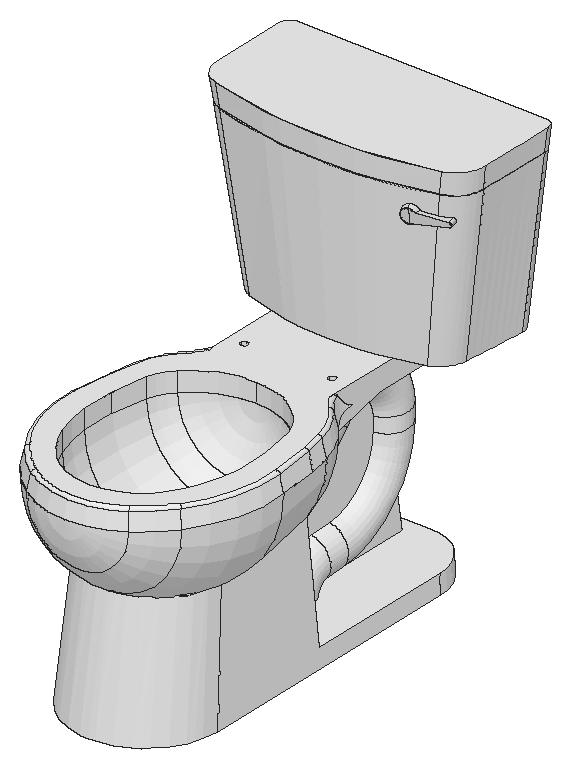
Revit family "Plumbing-Pressure-Assist-Water-Closet-Sloan-Valve-WETS-80098113_", category Plumbing Fixtures, host Face, Revit 2019 (continued)
Automatic sketch dimensions
  Extrusion 14 sketch curve to Extrusion 14 sketch curve = 3.98247"
  Extrusion 14 sketch curve to Extrusion 14 sketch curve = 0.39147"  (x2)
  Extrusion 14 sketch curve to Extrusion 14 sketch curve = 2.49844"
  Extrusion 14 sketch curve to Extrusion 14 sketch curve = 4.55398"
  Extrusion 14 sketch curve to Extrusion 14 sketch curve = 0.28975"  (x2)
  plane 7 to Extrusion 15 sketch curve = 15 3/4"
  Extrusion 15 sketch curve to Extrusion 15 sketch curve = 0.92653"
  Extrusion 15 sketch curve to plane 7 = 0.34835"
  Extrusion 15 sketch curve to Extrusion 15 sketch curve = 13 1/4"
  plane 7 to Revolve 16 sketch curve = 18.41431"
  Revolve 16 sketch curve to Revolve 16 sketch curve = 1.21427"
  Revolve 16 sketch curve to Revolve 16 sketch curve = 3.141"
  Revolve 16 sketch curve to Revolve 16 sketch curve = 0.55817"
  Revolve 16 sketch curve to Revolve 16 sketch curve = 4.78572"
  Revolve 16 sketch curve to Revolve 16 sketch curve = 1.12242"
  Revolve 16 sketch curve to Revolve 16 sketch curve = 1.54616"
  Revolve 16 sketch curve to Revolve 16 sketch curve = 1.91616"
  Revolve 16 sketch curve to Revolve 16 sketch curve = 0.22012"
  Revolve 16 sketch curve to Revolve 16 sketch curve = 2.15467"
  Revolve 16 sketch curve to Revolve 16 sketch curve = 4.85057"
  Revolve 16 sketch curve to Revolve 16 sketch curve = 4.53114"
  Revolve 16 sketch curve to Revolve 16 sketch curve = 0"  (x5)
  Revolve 16 sketch curve to Revolve 16 sketch curve = 2.34667"
  Revolve 16 sketch curve to Revolve 16 sketch curve = 1/2"
  Extrusion 17 sketch curve to Extrusion 17 sketch curve = 0"  (x12)
  plane 7 to Extrusion 17 sketch curve = 0"
  plane 7 to Extrusion 17 sketch curve = 6 1/128"  (x2)
  Extrusion 17 sketch curve to Extrusion 17 sketch curve = 1/4"
  Extrusion 17 sketch curve to Extrusion 17 sketch curve = 1/2"
  Extrusion 17 sketch curve to Extrusion 17 sketch curve = 1 3/4"  (x2)
  Extrusion 17 sketch curve to Extrusion 17 sketch curve = 8 3/8"
  Extrusion 17 sketch curve to Extrusion 17 sketch curve = 14 1/4"
  Extrusion 17 sketch curve to Extrusion 17 sketch curve = 1 1/4"
  Extrusion 17 sketch curve to plane 7 = 19.0791"
  plane 7 to Extrusion 18 sketch curve = 11 3/8"
  Extrusion 18 sketch curve to Extrusion 18 sketch curve = 6"
  Extrusion 18 sketch curve to Extrusion 18 sketch curve = 0"
  plane 11 to Blend 19 sketch curve = 23 1/2"
  Blend 19 sketch curve to Blend 19 sketch curve = 3 1/2"  (x2)
  Blend 19 sketch curve to Blend 19 sketch curve = 4 7/8"
  Blend 19 sketch curve to Blend 19 sketch curve = 2 3/4"
  plane 11 to Blend 19 sketch curve = 4 67/128"
  plane 11 to Blend 19 sketch curve = 22.25397"
  plane 11 to Blend 19 sketch curve = 1 3/128"
  Blend 19 sketch curve to Blend 19 sketch curve = 4 5/16"
  Blend 19 sketch curve to Blend 19 sketch curve = 1 5/8"
  plane 11 to Extrusion 20 sketch curve = 13.77953"
  Extrusion 20 sketch curve to Extrusion 20 sketch curve = 5.00662"
  Extrusion 20 sketch curve to Extrusion 20 sketch curve = 1.37144"
  Extrusion 20 sketch curve to Extrusion 20 sketch curve = 0.83072"
  plane 11 to Extrusion 20 sketch curve = 2.01421"
  plane 11 to Extrusion 20 sketch curve = 1.80632"
  Extrusion 20 sketch curve to Extrusion 20 sketch curve = 1.24829"
  Extrusion 20 sketch curve to Extrusion 20 sketch curve = 2.7937"
  plane 11 to Sweep 21 sketch curve = 16.44118"
  plane 11 to Sweep 21 sketch curve = 11 1/4"
  Sweep 21 sketch curve to Sweep 21 sketch curve = 1.57944"
  Sweep 21 sketch curve to Sweep 21 sketch curve = 1.66667"
  Sweep 21 sketch curve to Sweep 21 sketch curve = 1.22254"
  Sweep 21 sketch curve to Sweep 21 sketch curve = 1.50376"
  Sweep 21 sketch curve to Sweep 21 sketch curve = 2.37343"
  Sweep 21 sketch curve to Sweep 21 sketch curve = 3"
  Sweep 21 sketch curve to Sweep 21 sketch curve = 0.23912"
  Sweep 21 sketch curve to Sweep 21 sketch curve = 0.07881"
  Sweep 21 sketch curve to Sweep 21 sketch curve = 2.19457"
  Sweep 21 sketch curve to Sweep 21 sketch curve = 1.02691"
  Sweep 21 sketch curve to Sweep 21 sketch curve = 6.01869"
  Sweep 21 sketch curve to Sweep 21 sketch curve = 5.81653"
  Sweep 21 sketch curve to Sweep 21 sketch curve = 0.44425"
  Sweep 21 sketch curve to Sweep 21 sketch curve = 0"
  Sweep 21 sketch curve to Sweep 21 sketch curve = 1.19248"
  Sweep 21 sketch curve to profile plane = 0"  (x2)
  plane 11 to Extrusion 22 sketch curve = 25.07129"
  Extrusion 22 sketch curve to Extrusion 22 sketch curve = 6.25633"
  Extrusion 22 sketch curve to Extrusion 22 sketch curve = 0.50463"
  Extrusion 22 sketch curve to Extrusion 22 sketch curve = 7.2727"
  Extrusion 22 sketch curve to Extrusion 22 sketch curve = 1.99428"
  Extrusion 22 sketch curve to Extrusion 22 sketch curve = 1.03117"
  plane 11 to Extrusion 22 sketch curve = 2.02153"
  plane 11 to Extrusion 22 sketch curve = 1.93503"
  Extrusion 22 sketch curve to plane 11 = 12.09356"
  Extrusion 22 sketch curve to Extrusion 22 sketch curve = 3.6955"
  Extrusion 22 sketch curve to Extrusion 22 sketch curve = 5.768"
  Extrusion 22 sketch curve to Extrusion 22 sketch curve = 4 19/256"
  Extrusion 22 sketch curve to Extrusion 22 sketch curve = 4.71404"
  Extrusion 22 sketch curve to Extrusion 22 sketch curve = 3.46658"
  Extrusion 22 sketch curve to Extrusion 22 sketch curve = 0.2571"
  Extrusion 22 sketch curve to Extrusion 22 sketch curve = 0"
  plane 8 to Blend 23 sketch curve = 0.21467"
  plane 8 to Blend 23 sketch curve = 0.58558"
  plane 11 to Blend 23 sketch curve = 5/16"
  plane 8 to Blend 23 sketch curve = 0.96182"
  Blend 23 sketch curve to Blend 23 sketch curve = 1.99239"
  plane 8 to Blend 23 sketch curve = 7 15/16"
  plane 9 to Blend 23 sketch curve = 2.57797"
  plane 9 to Blend 23 sketch curve = 0.96182"
  plane 9 to Blend 23 sketch curve = 0.58558"
  plane 9 to Blend 23 sketch curve = 0.21467"
  Blend 23 sketch curve to Blend 23 sketch curve = 3/4"  (x2)
  Blend 23 sketch curve to Blend 23 sketch curve = 4.13053"  (x2)
  Blend 23 sketch curve to Blend 23 sketch curve = 0.17431"  (x2)
  Blend 23 sketch curve to plane 11 = 9.28691"
  Blend 23 sketch curve to Blend 23 sketch curve = 0"  (x2)
  plane 11 to Blend 23 sketch curve = 0"
  plane 11 to Blend 23 sketch curve = 6 1/128"  (x2)
  plane 11 to Blend 23 sketch curve = 3/4"  (x2)
  Blend 23 sketch curve to Blend 23 sketch curve = 2"
  Blend 23 sketch curve to Blend 23 sketch curve = 8 3/8"
  Blend 23 sketch curve to Blend 23 sketch curve = 14 1/4"
  Blend 23 sketch curve to Blend 23 sketch curve = 1 1/4"
  Blend 23 sketch curve to plane 11 = 19.0791"
  plane 11 to Revolve 24 sketch curve = 18.41431"
  Revolve 24 sketch curve to Revolve 24 sketch curve = 0.38226"
  Revolve 24 sketch curve to Revolve 24 sketch curve = 213/256"
  Revolve 24 sketch curve to Revolve 24 sketch curve = 0"  (x10)
  Revolve 24 sketch curve to Revolve 24 sketch curve = 1.55117"
  Revolve 24 sketch curve to Revolve 24 sketch curve = 0.52667"
  Revolve 24 sketch curve to Revolve 24 sketch curve = 1.06316"
  Revolve 24 sketch curve to Revolve 24 sketch curve = 0.55817"
  Revolve 24 sketch curve to Revolve 24 sketch curve = 4.78572"
  Revolve 24 sketch curve to Revolve 24 sketch curve = 17.76248"
  Revolve 24 sketch curve to Revolve 24 sketch curve = 1.12242"
  Revolve 24 sketch curve to Revolve 24 sketch curve = 1.54616"
  Revolve 24 sketch curve to Revolve 24 sketch curve = 1.91616"
  Revolve 24 sketch curve to Revolve 24 sketch curve = 0.22012"
  Revolve 24 sketch curve to Revolve 24 sketch curve = 0.002"
  Revolve 24 sketch curve to Revolve 24 sketch curve = 0.38996"
  Revolve 24 sketch curve to Revolve 24 sketch curve = 2.4971"
  Revolve 24 sketch curve to Revolve 24 sketch curve = 1.76271"
  Revolve 24 sketch curve to Revolve 24 sketch curve = 0.46147"
  Revolve 24 sketch curve to Revolve 24 sketch curve = 1.76813"
  Revolve 24 sketch curve to Revolve 24 sketch curve = 2.37097"
  Revolve 24 sketch curve to Revolve 24 sketch curve = 1.94676"
  Revolve 24 sketch curve to Revolve 24 sketch curve = 0.65231"
  Revolve 24 sketch curve to Revolve 24 sketch curve = 3.62883"
  Revolve 24 sketch curve to Revolve 24 sketch curve = 2.41279"
  Revolve 24 sketch curve to Revolve 24 sketch curve = 0.18389"
  Revolve 24 sketch curve to Revolve 24 sketch curve = 1/2"
  Extrusion 25 sketch curve to Extrusion 25 sketch curve = 0.67182"
  Extrusion 25 sketch curve to Extrusion 25 sketch curve = 1.77234"
  Extrusion 25 sketch curve to Extrusion 25 sketch curve = 1.545"  (x2)
  Extrusion 25 sketch curve to Extrusion 25 sketch curve = 93/128"
  Extrusion 25 sketch curve to Extrusion 25 sketch curve = 0.40828"
  Extrusion 25 sketch curve to Extrusion 25 sketch curve = 2.54228"
  Extrusion 25 sketch curve to Extrusion 25 sketch curve = 2.74948"
  Blend 26 sketch curve to Blend 26 sketch curve = 0.99706"
  Blend 26 sketch curve to Blend 26 sketch curve = 0.24541"
  Blend 26 sketch curve to Blend 26 sketch curve = 1 13/16"
  Blend 26 sketch curve to Blend 26 sketch curve = 0.37271"
  Blend 27 sketch curve to Blend 27 sketch curve = 1 13/16"  (x2)
  Blend 27 sketch curve to Blend 27 sketch curve = 0.37271"
  Blend 27 sketch curve to Blend 27 sketch curve = 1.15396"
  plane 11 to Sweep 28 sketch curve = 26.57715"
  Sweep 28 sketch curve to Sweep 28 sketch curve = 9.12902"
  Sweep 28 sketch curve to Sweep 28 sketch curve = 0.84594"
  Sweep 28 sketch curve to Sweep 28 sketch curve = 3.46596"
  Sweep 28 sketch curve to Sweep 28 sketch curve = 1.9345"
  Sweep 28 sketch curve to Sweep 28 sketch curve = 0.18533"
  Sweep 28 sketch curve to Sweep 28 sketch curve = 1.3913"
  Sweep 28 sketch curve to Sweep 28 sketch curve = 1.1687"
  Sweep 28 sketch curve to Sweep 28 sketch curve = 3.42714"
  Sweep 28 sketch curve to Sweep 28 sketch curve = 1.86098"
  Sweep 28 sketch curve to Sweep 28 sketch curve = 1.34254"
  Sweep 28 sketch curve to Sweep 28 sketch curve = 1.96082"
  Sweep 28 sketch curve to Sweep 28 sketch curve = 0"  (x3)
  Sweep 28 sketch curve to Sweep 28 sketch curve = 2.59819"
  Sweep 28 sketch curve to profile plane = 0"
  Sweep 28 sketch curve to profile plane = 0.99706"  (x2)
  Sweep 29 sketch curve to Sweep 29 sketch curve = 0"  (x10)
  Sweep 29 sketch curve to plane 10 = 0"  (x4)
  plane 10 to Sweep 29 sketch curve = 5.70094"  (x2)
  plane 11 to Sweep 29 sketch curve = 10.88962"
  Sweep 29 sketch curve to Sweep 29 sketch curve = 18.15103"  (x2)
  Sweep 29 sketch curve to Sweep 29 sketch curve = 4"  (x2)
  Sweep 29 sketch curve to Sweep 29 sketch curve = 2.01849"
  Sweep 29 sketch curve to Sweep 29 sketch curve = 0.52667"  (x2)
  Sweep 29 sketch curve to Sweep 29 sketch curve = 1.24583"
  Sweep 29 sketch curve to Sweep 29 sketch curve = 1.55117"  (x2)
  Sweep 29 sketch curve to Sweep 29 sketch curve = 1.66402"
  Sweep 29 sketch curve to Sweep 29 sketch curve = 3.26432"
  plane 10 to Sweep 29 sketch curve = 4.99179"
  Sweep 29 sketch curve to Sweep 29 sketch curve = 2.22418"
  Sweep 29 sketch curve to Sweep 29 sketch curve = 0.38996"  (x2)
  Sweep 29 sketch curve to Sweep 29 sketch curve = 3.913"
  Sweep 29 sketch curve to Sweep 29 sketch curve = 6.87238"
  Sweep 29 sketch curve to Sweep 29 sketch curve = 5.26793"
  Sweep 29 sketch curve to Sweep 29 sketch curve = 0.29604"  (x2)
  Sweep 29 sketch curve to Sweep 29 sketch curve = 4.31887"  (x2)
  Sweep 29 sketch curve to profile plane = 0"
  Sweep 29 sketch curve to profile plane = 0.25828"
  Sweep 29 sketch curve to Sweep 29 sketch curve = 0.24359"
  Sweep 29 sketch curve to profile plane = 0.71616"
  profile plane to Sweep 29 sketch curve = 14 3/16"
  Sweep 29 sketch curve to Sweep 29 sketch curve = 1 1/16"
  Sweep 29 sketch curve to Sweep 29 sketch curve = 0.05624"
  Extrusion 30 sketch curve to Extrusion 30 sketch curve = 0"  (x18)
  plane 11 to Extrusion 30 sketch curve = 21.08289"
  Extrusion 30 sketch curve to Extrusion 30 sketch curve = 4.78572"  (x2)
  Extrusion 30 sketch curve to Extrusion 30 sketch curve = 0.55817"  (x2)
  Extrusion 30 sketch curve to Extrusion 30 sketch curve = 1.92673"  (x2)
  Extrusion 30 sketch curve to Extrusion 30 sketch curve = 3.141"
  Extrusion 30 sketch curve to Extrusion 30 sketch curve = 1.21427"  (x2)
  Extrusion 30 sketch curve to Extrusion 30 sketch curve = 0.37"  (x2)
  Extrusion 30 sketch curve to Extrusion 30 sketch curve = 0.22012"  (x2)
  Extrusion 30 sketch curve to Extrusion 30 sketch curve = 2.15467"
  Extrusion 30 sketch curve to Extrusion 30 sketch curve = 2.13627"
  Extrusion 30 sketch curve to Extrusion 30 sketch curve = 1.12242"  (x2)
  Extrusion 30 sketch curve to Extrusion 30 sketch curve = 1.58443"
  Extrusion 30 sketch curve to Extrusion 30 sketch curve = 1.57431"  (x2)
  Extrusion 31 sketch curve to Extrusion 31 sketch curve = 0"  (x13)
  plane 11 to Extrusion 31 sketch curve = 23.57999"  (x2)
  plane 11 to Extrusion 31 sketch curve = 10.88962"
  Extrusion 31 sketch curve to Extrusion 31 sketch curve = 18.15103"  (x2)
  Extrusion 31 sketch curve to Extrusion 31 sketch curve = 4"  (x2)
  Extrusion 31 sketch curve to Extrusion 31 sketch curve = 2.01849"
  Extrusion 31 sketch curve to Extrusion 31 sketch curve = 0.52667"  (x2)
  Extrusion 31 sketch curve to Extrusion 31 sketch curve = 1.24583"
  Extrusion 31 sketch curve to Extrusion 31 sketch curve = 1.55117"  (x2)
  Extrusion 31 sketch curve to Extrusion 31 sketch curve = 1.66402"
  Extrusion 31 sketch curve to Extrusion 31 sketch curve = 3.26432"
  Extrusion 31 sketch curve to Extrusion 31 sketch curve = 13.39952"
  Extrusion 31 sketch curve to Extrusion 31 sketch curve = 2.22418"  (x2)
  Extrusion 31 sketch curve to Extrusion 31 sketch curve = 0.38996"  (x2)
  Extrusion 31 sketch curve to Extrusion 31 sketch curve = 3.913"
  Extrusion 31 sketch curve to Extrusion 31 sketch curve = 3.98247"
  Extrusion 31 sketch curve to Extrusion 31 sketch curve = 0.39147"  (x2)
  Extrusion 31 sketch curve to Extrusion 31 sketch curve = 2.49844"
  Extrusion 31 sketch curve to Extrusion 31 sketch curve = 4.55398"
  Extrusion 31 sketch curve to Extrusion 31 sketch curve = 0.28975"  (x2)
  plane 11 to Extrusion 32 sketch curve = 15 3/4"
  Extrusion 32 sketch curve to Extrusion 32 sketch curve = 0.92653"
  Extrusion 32 sketch curve to plane 11 = 0.34835"
  Extrusion 32 sketch curve to Extrusion 32 sketch curve = 13 1/4"
  plane 11 to Revolve 33 sketch curve = 18.41431"
  Revolve 33 sketch curve to Revolve 33 sketch curve = 1.21427"
  Revolve 33 sketch curve to Revolve 33 sketch curve = 3.141"
  Revolve 33 sketch curve to Revolve 33 sketch curve = 0.55817"
  Revolve 33 sketch curve to Revolve 33 sketch curve = 4.78572"
  Revolve 33 sketch curve to Revolve 33 sketch curve = 1.12242"
  Revolve 33 sketch curve to Revolve 33 sketch curve = 1.54616"
  Revolve 33 sketch curve to Revolve 33 sketch curve = 1.91616"
  Revolve 33 sketch curve to Revolve 33 sketch curve = 0.22012"
  Revolve 33 sketch curve to Revolve 33 sketch curve = 2.15467"
  Revolve 33 sketch curve to Revolve 33 sketch curve = 4.85057"
  Revolve 33 sketch curve to Revolve 33 sketch curve = 4.53114"
  Revolve 33 sketch curve to Revolve 33 sketch curve = 0"  (x5)
  Revolve 33 sketch curve to Revolve 33 sketch curve = 2.34667"
  Revolve 33 sketch curve to Revolve 33 sketch curve = 1/2"
  Extrusion 34 sketch curve to Extrusion 34 sketch curve = 0"  (x12)
  plane 11 to Extrusion 34 sketch curve = 0"
  plane 11 to Extrusion 34 sketch curve = 6 1/128"  (x2)
  Extrusion 34 sketch curve to Extrusion 34 sketch curve = 1/4"
  Extrusion 34 sketch curve to Extrusion 34 sketch curve = 1/2"
  Extrusion 34 sketch curve to Extrusion 34 sketch curve = 1 3/4"  (x2)
  Extrusion 34 sketch curve to Extrusion 34 sketch curve = 8 3/8"
  Extrusion 34 sketch curve to Extrusion 34 sketch curve = 14 1/4"
  Extrusion 34 sketch curve to Extrusion 34 sketch curve = 1 1/4"
  Extrusion 34 sketch curve to plane 11 = 19.0791"
  plane 11 to Extrusion 35 sketch curve = 11 3/8"
  Extrusion 35 sketch curve to Extrusion 35 sketch curve = 6"
  Extrusion 35 sketch curve to Extrusion 35 sketch curve = 0"
  Extrusion 36 sketch curve to Extrusion 36 sketch curve = 2.41998"
  Extrusion 36 sketch curve to Extrusion 36 sketch curve = 0.01099"
  Extrusion 36 sketch curve to Extrusion 36 sketch curve = 0.0192"
  Extrusion 36 sketch curve to Extrusion 36 sketch curve = 0.29949"
  Extrusion 36 sketch curve to Extrusion 36 sketch curve = 0.15636"
  Extrusion 36 sketch curve to Extrusion 36 sketch curve = 0.78299"
  Revolve 37 sketch curve to Revolve 37 sketch curve = 0.48262"
  Revolve 37 sketch curve to Revolve 37 sketch curve = 1/2"
  Revolve 37 sketch curve to Revolve 37 sketch curve = 0.15681"
  Revolve 37 sketch curve to Revolve 37 sketch curve = 0.02676"
  Revolve 37 sketch curve to Revolve 37 sketch curve = 0.66246"
  Revolve 37 sketch curve to Revolve 37 sketch curve = 0"  (x2)
  Revolve 37 sketch curve to Revolve 37 sketch curve = 0.11261"
  Extrusion 38 sketch curve to Extrusion 38 sketch curve = 2.41998"
  Extrusion 38 sketch curve to Extrusion 38 sketch curve = 0.01099"
  Extrusion 38 sketch curve to Extrusion 38 sketch curve = 0.0192"
  Extrusion 38 sketch curve to Extrusion 38 sketch curve = 0.29949"
  Extrusion 38 sketch curve to Extrusion 38 sketch curve = 0.15636"
  Extrusion 38 sketch curve to Extrusion 38 sketch curve = 0.78299"
  Revolve 39 sketch curve to Revolve 39 sketch curve = 0.48262"
  Revolve 39 sketch curve to Revolve 39 sketch curve = 1/2"
  Revolve 39 sketch curve to Revolve 39 sketch curve = 0.15681"
  Revolve 39 sketch curve to Revolve 39 sketch curve = 0.02676"
  Revolve 39 sketch curve to Revolve 39 sketch curve = 0.66246"
  Revolve 39 sketch curve to Revolve 39 sketch curve = 0"  (x2)
  Revolve 39 sketch curve to Revolve 39 sketch curve = 0.11261"
  radius of Sweep 3 sketch curve = 1 1/2"
  radius of Extrusion 18 sketch curve = 1/4"  (x2)
  radius of Sweep 21 sketch curve = 1 1/2"
  radius of Extrusion 35 sketch curve = 1/4"  (x2)
Connectors
  piping at (-152.4, 0, 254), diameter 12.7, driven by "CWFU", driven by "Cold Water Connection Diameter", driven by "Cold Water Connector Description", driven by "Valve Pressure Drop"
    settings: on Extrusion 5, index 3, connector inside diameter 1/2", connector length 0", flow factor 0, pipe flow 0 GPM, pressure drop 0.00 psi, fitting loss kfactor 0, connector angle 0.00°, fixture units 10, engagement length 0", angle of deflection 0.00°, flow configuration 3, flow direction 1, fitting loss method 4, system type 20, joint type 0, gender type 0, connector reference index -1, connector utility 0, adjustable connector no, is connector primary yes, connector description "Cold Water Connector d1/2\""
  piping at (0, -304.8, 0), diameter 53.975, driven by "Sanitary Drain Connection Diameter", driven by "Sanitary Drain Connector Description", driven by "WFU"
    settings: on Sweep 3, index 4, connector inside diameter 24", connector length 0", flow factor 0, pipe flow 0 GPM, pressure drop 0.00 psi, fitting loss kfactor 0, connector angle 0.00°, fixture units 10, engagement length 0", angle of deflection 0.00°, flow configuration 3, flow direction 2, fitting loss method 0, system type 16, joint type 0, gender type 0, connector reference index -1, connector utility 0, adjustable connector no, is connector primary no, connector description "Sanitary Drain Connector d2 1/8\""
Types (4): name | Water Closet Code | Product Material | Part Number | Model | Description
  (no name) | "2108009" | Sloan Valve - Vitreous China - White | "WETS-8009.8113" | "WETS-8009.8113" | "Floor-Mounted 1.6 gpf (6.0 Lpf) 12\" Rough-in Pressure-Assisted/Tank Toilet."
  WETS-8009.8113 | "2108009" | Sloan Valve - Vitreous China - White | "WETS-8009.8113" | "WETS-8009.8113" | "Floor-Mounted 1.6 gpf (6.0 Lpf) 12\" Rough-in Pressure-Assisted/Tank Toilet."
  WETS-8009.8113-BAA | "2108009" | Sloan Valve - Vitreous China - White | "80098113" | "WETS-8009.8113-BAA" | "Floor-Mounted 1.6 gpf (6.0 Lpf) 12\" Rough-in Pressure-Assisted/Tank Toilet."
  WETS-8009.8113-STG | "2178009" | Sloan Valve - Vitreous China - SloanTec Glaze White | "WETS-8009.8113-STG" | "WETS-8009.8113-STG" | "Floor-Mounted 1.6 gpf (6.0 Lpf) 12\" Rough-in Pressure-Assisted/Tank Toilet with SloanTec® Glaze."
